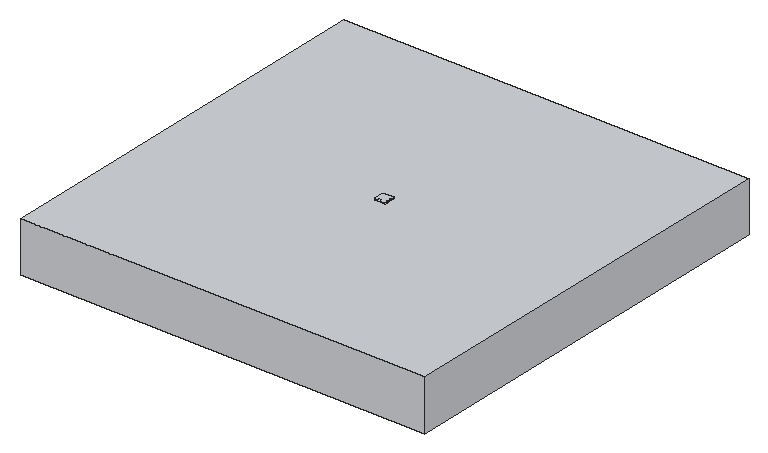
Revit family "Gira_015100", category Allgemeines Modell, Revit 2017
Family settings
  Basisbauteil = Fläche
  Kann Basisbauteil für Bewehrung sein = Nein
  Bemaßung runder Anschluss = Durchmesser verwenden
  Teiletyp = Normal
  Beim Laden mit Abzugskörper schneiden = Nein
  Gemeinsam genutzt = Nein
  Raumberechnungspunkt = Nein
Parameters
  With mounting plate = no
  With memory function = no
  With lighting = no
  With label area = no
  With glass breaking detector connection = no
  With brightness sensor connection = no
  With N-busbar = no
  With LED indication = no
  With Astro program = no
  Wiring system = "Intermediate switch"
  Washing machine switch = no
  Default Elevation = 1219.2 mm
  URL = "https://www.gira.de/"
  Typname = "Rocker btn NO con. Insert"
  Type of load = "Universal"
  Type of lighting = "Not included"
  Type of fastening = "Mounting with claw and screw"
  Transparent = no
  Through loss at 860 MHz [B] = 0.1
  Through loss at 2150 MHz [B] = 0.1
  Temperature [Kelvin] = "[5:45]"
  Switch-off protection = no
  Surface protection = "Other"
  Surface finishing = "Not applicable"
  Suitable for wire wound low voltage transformer = yes
  Suitable for wind sensor = no
  Suitable for staircase time switch = no
  Suitable for rain sensor = no
  Suitable for fluorescent tube/energy-saving lamp = yes
  Suitable for electronic low voltage transformer = yes
  Suitable for degree of protection (IP) = "IP20"
  Suitable for 230 V incandescent lamp/halogen lamp = yes
  Substation input = yes
  Shielded housing = no
  Shielded buses = yes
  Serial dimmer = no
  Separate strain relief = yes
  Rated current = 10 A
  Random generator = no
  Push button switch = no
  Productwebsite = "http://katalog.gira.de/en/datenblatt.html?artikelnr=015100"
  Output voltage [Volt] = 5
  Other bus systems = "None"
  Operating voltage [Volt] = "[110:240]"
  Only suitable as substation = no
  Number of rockers = 1
  Number of outputs = 2
  Number of modules (module system) = 1
  Nominal voltage [Volt] 3 = "[230:230]"
  Nominal voltage [Volt] 2 = "[230:230]"
  Nominal voltage [Volt] = 250
  Mounting method shielding connection = "Screw"
  Mounting method = "Flush mounted (plaster)"
  Model = "Single push button"
  Min. depth of built-in installation box [m] = 0.024
  Method of operation = "Rocker"
  Mechanical coding = no
  Max. switching power [Voltampere] = 1000
  Max. output current = 1.4 A
  Material quality = "Other"
  Material = "Other"
  Light value memory = no
  Label space/information surface 7 = "No"
  Label space/information surface 6 = "No"
  Label space/information surface 5 = "No"
  Label space/information surface 4 = "No"
  Label space/information surface = no
  Integrated timer = no
  Input for substation = no
  Imprint = "None"
  Illumination = "Yes"
  Hersteller = "Gira"
  Halogen free = no
  HAN = "015100"
  GTIN = "4010337151005"
  Function lighting = "Illuminated (on)"
  Frequency [Hz] = "[50:60]"
  Forced switch off = no
  Feedback-signal contact = no
  Dimming phase cut-on = yes
  Dimming phase cut-off = yes
  Degree of protection (IP) = "IP20"
  Data sheet = "https://katalog.gira.de/en/download.html?artikelnr=015100"
  Contacts = "1 make contact (NO)"
  Connection type = "Plug clamp"
  Colour = "Other"
  Category = "Other"
  Bus system radio frequent = no
  Bus system Powernet = no
  Bus system LON = no
  Bus system KNX radio = no
  Bus system KNX = yes
  Bus connection included = yes
  Beschreibung = "Rock.btn NO con. Ins.,Rocker button insert 10 AX 250 V~,,NO contact, 1-pole,Notes :,- Can also be connected with illumination."
  BIM = "https://media.stage.bim.site/public/gira/290f3eb/Einsatz_1fach.rfa"
  Assembly arrangement = "Basic element"
  Applicable with transmission button = no
  Applicable with time switch/timer = no
  Applicable with presence indicator = yes
  Applicable with movement sensor = yes
  Applicable with infrared button = no
  Applicable with button = yes
  App control via Bluetooth = no
Reference planes
  plane 1 "Center (Front/Back)": y = 0
  plane 2: z = 0
  plane 3 "Center (Left/Right)": x = 0
Forms (mm)
  Extrusion 1, solid
    sketch origin (0, 0, 0) x (1, 0, 0) y (0, 1, 0)
      loop
        line (-1219.2, 1219.2) -> (-1219.2, -1219.2) -> (1219.2, -1219.2) -> (1219.2, 1219.2) -> (-1219.2, 1219.2)
    from 0 to -304.8
  Extrusion 2, solid, detail levels fine
    sketch origin (0, 0, 0) x (1, 0, 0) y (0, 1, 0)
      loop
        line (27.475, 35.475) -> (-27.475, 35.475)
        arc (-27.475, 35.475) -> (-33.132, 33.132) -> (-35.475, 27.475) r 8
        line (-35.475, 27.475) -> (-35.475, -27.475)
        arc (-35.475, -27.475) -> (-33.132, -33.132) -> (-27.475, -35.475) r 8
        line (-27.475, -35.475) -> (27.475, -35.475)
        arc (27.475, -35.475) -> (33.132, -33.132) -> (35.475, -27.475) r 8
        line (35.475, -27.475) -> (35.475, 27.475)
        arc (35.475, 27.475) -> (33.132, 33.132) -> (27.475, 35.475) r 8
    from 0 to 1.8
  Extrusion 3, solid, detail levels fine
    sketch origin (0, 0, 0) x (1, 0, 0) y (0, 1, 0)
      loop
        line (9.678, 25.4) -> (-9.678, 25.4)
        arc (-9.678, 25.4) -> (-12.885, 24.922) -> (-15.814, 23.53) r 11
        arc (-15.814, 23.53) -> (-17.795, 22.07) -> (-19.641, 20.444) r 28.35
        arc (-19.641, 20.444) -> (-21.339, 18.665) -> (-22.876, 16.745) r 28.35
        arc (-22.876, 16.745) -> (-24.456, 13.666) -> (-25, 10.248) r 11
        line (-25, 10.248) -> (-25, -10.248)
        arc (-25, -10.248) -> (-24.456, -13.666) -> (-22.876, -16.745) r 11
        arc (-22.876, -16.745) -> (-20.409, -19.677) -> (-17.569, -22.25) r 28.35
        line (-17.569, -22.25) -> (17.569, -22.25)
        arc (17.569, -22.25) -> (20.409, -19.677) -> (22.876, -16.745) r 28.35
        arc (22.876, -16.745) -> (24.456, -13.666) -> (25, -10.248) r 11
        line (25, -10.248) -> (25, 10.248)
        arc (25, 10.248) -> (24.456, 13.666) -> (22.876, 16.745) r 11
        arc (22.876, 16.745) -> (21.593, 18.37) -> (20.195, 19.897) r 28.35
        arc (20.195, 19.897) -> (18.096, 21.823) -> (15.814, 23.53) r 28.35
        arc (15.814, 23.53) -> (12.885, 24.922) -> (9.678, 25.4) r 11
    from 0 to -22
  Extrusion 4, solid, detail levels medium
    sketch origin (0, 0, 0) x (1, 0, 0) y (0, 1, 0)
      loop
        line (-25, 25.4) -> (-25, -22.25) -> (25, -22.25) -> (25, 25.4) -> (-25, 25.4)
    from 0 to -22
  Extrusion 5, solid, detail levels coarse
    sketch origin (0, 0, 0) x (1, 0, 0) y (0, 1, 0)
      loop
        line (35.475, 35.475) -> (-35.475, 35.475) -> (-35.475, -35.475) -> (35.475, -35.475) -> (35.475, 35.475)
    from -22 to 1.8
  Extrusion 6, solid, detail levels medium
    sketch origin (0, 0, 0) x (1, 0, 0) y (0, 1, 0)
      loop
        line (35.475, 35.475) -> (-35.475, 35.475) -> (-35.475, -35.475) -> (35.475, -35.475) -> (35.475, 35.475)
    from 0 to 1.8
Dimensions and locks
  aligned and locked: plane 2 to Extrusion 1
  aligned and locked: level to Extrusion 1
Connectors
  electrical at (0, 0, -22)
    settings: on Extrusion 5, index 1, voltage 220 V, apparent load 0 VA, apparent load phase1 0 VA, apparent load phase2 0 VA, apparent load phase3 0 VA, power factor 1, load classification "Other", number of poles 1, system type 30, power factor state 1, is connector primary yes, connector utility no, sub classification motor no, connector description ""
